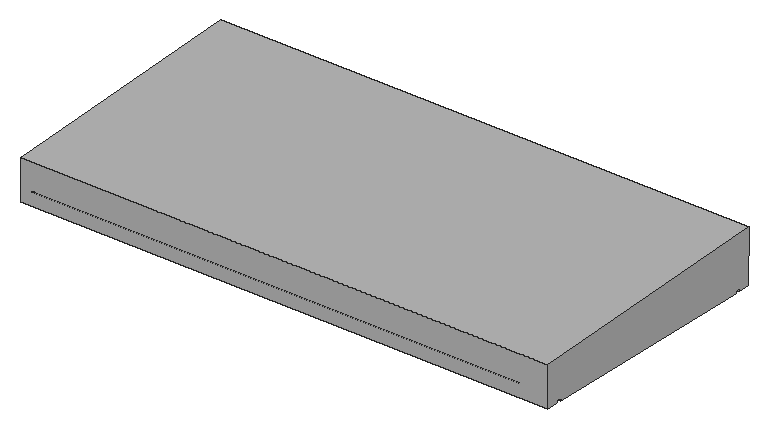
Revit family "WC298 Feather Edge", category Generic Models, Revit 2020
Family settings
  Can host rebar = No
  Round Connector Dimension = Use Diameter
  Part Type = Normal
  Work Plane-Based = No
  Always vertical = Yes
  Cut with Voids When Loaded = No
  Shared = No
  Room Calculation Point = No
Parameters
  Weight = "100Kg"
  Warranty Guarantor Parts = "n/a"
  Warranty Guarantor Labour = "n/a"
  Warranty Duration Unit = "n/a"
  Warranty Duration Parts = "n/a"
  Warranty Duration Labour = "n/a"
  Warranty Description = "n/a"
  Unit Width [instance] = 475 mm
  Unit Length [instance] = 1000 mm
  Unit Height [instance] = 100 mm
  URL = "www.killeshal.com"
  Types = "Single"
  Type Comments = "Visit our website for a full list of available products."
  Sustainability Performance = "n/a"
  Structural Class = "n/a"
  Span = "Unit Length"
  Slope = "0.00°"
  Size = "475mm x 100 to 75mm"
  Shape = "As per drawing"
  Service Life = "0.000000"
  Serial Number = "n/a"
  Resistance to Fire = "n/a"
  Replacement Cost = "n/a"
  Reference = "n/a"
  Notified Body = "n/a"
  Nominal Cover to Main Bar = "n/a"
  Model = "W/C 298 Wall Cap."
  Mechanical Resistance = "n/a"
  Manufacturer = "Killeshal Precast Concrete Ltd."
  Load Bearing = no
  Life Cycle Environmental Load = "n/a"
  Length Options = "Stock size 1000mm."
  Keynote = "The information contained is the sole property of KPC Ltd., any reproduction in part or whole without permission of KPC Ltd. is prohibited."
  Environmental Product Declaration = "n/a"
  Environmental Class = "n/a"
  Durability against Corrosion = "n/a"
  Dimension Accuracy Class = "n/a"
  Detailing = "As per design specification and product drawings."
  Description = "Feather Edge Wall Cap"
  Default Elevation = 0 mm
  Dangerous Substances = "n/a"
  Contact Tel = "0035357 9353018"
  Contact Email = "sales@killeshal.com"
  Construction Type = "Precast"
  Construction Tolerance Class = "n/a"
  Compressive Strength of Concrete = "n/a"
  Characteristics of Reinforcing Steel = "n/a"
  Characteristics Deflection Under Load = "n/a"
Reference planes
  plane 1 "Center (Front/Back)": y = 0
  plane 2: z = 0
  plane 3 "Center (Left/Right)": x = 0
  plane 4 "Rear": y = 237.5
  plane 5 "Front": y = -237.5
  plane 6 "Top": z = 100
  plane 7 "Center L/T": z = 75
Forms (mm)
  Extrusion 1, solid, material "Precast Concrete (KPC)"
    sketch origin (0, 0, 0) x (0, 1, 0) y (0, 0, 1)
      loop
        line (-237.5, 75) -> (-237.5, 0) -> (-217.5, 0)
        arc (-217.5, 0) -> (-212.5, 5) -> (-207.5, 0) r 5
        line (-207.5, 0) -> (207.5, 0)
        arc (207.5, 0) -> (212.5, 5) -> (217.5, 0) r 5
        line (217.5, 0) -> (237.5, 0) -> (237.5, 100) -> (-237.5, 75)
    from 0 to 1000
Dimensions and locks
  "Unit Length": Extrusion 1 to Extrusion 1
  "Unit Width": Extrusion 1 to Extrusion 1
  Extrusion 1 to plane 7 "Center L/T" = 75 mm
  "Unit Height": Extrusion 1 to plane 6 "Top"
  aligned and locked: level to plane 2
Automatic sketch dimensions
  Extrusion 1 sketch curve to plane 5 "Front" = 0 mm
  Extrusion 1 sketch curve to level = 0 mm
  Extrusion 1 sketch curve to plane 4 "Rear" = 0 mm
  Extrusion 1 sketch curve to plane 7 "Center L/T" = 0 mm
  Extrusion 1 sketch curve to plane 6 "Top" = 0 mm
  plane 5 "Front" to Extrusion 1 sketch curve = 20 mm
  Extrusion 1 sketch curve to Extrusion 1 sketch curve = 5 mm  (x2)
  Extrusion 1 sketch curve to Extrusion 1 sketch curve = 30 mm
